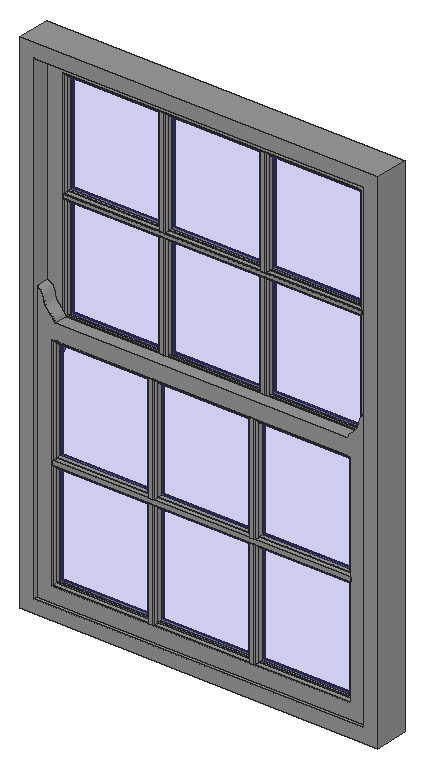
Revit family "HMS3SP", category Windows, host Wall, Revit 2015
Parameters (values of type "HMS3SP")
  Height = 1575 mm
  Default Lintel Height = 2100 mm
  Wall Closure = By host
  Width = 1100 mm
Reference planes
  plane 1 "Center (Front/Back)": y = 0
  plane 2 "Center (Left/Right)": x = 0
  plane 3 "Left": x = -550
  plane 4 "Right": x = 550
  plane 5 "Sill": z = 525
  plane 6 "Head": z = 2100
  plane 7 "Exterior": y = 100
  plane 8 "Interior": y = -100
  plane 9: y = -28.5
  plane 10: y = 23.5
  plane 11: z = 1312.5
  plane 12: z = 1341
  plane 13: z = 1284
Forms (mm)
  Sweep 1, solid, material "Lauan, Meranti"
    path origin (-10500, 23.5, 2100) x (0, 0, -1) y (-1, 0, 0)
      loop
        line (0, -11050) -> (1575, -11050) -> (1575, -9950) -> (0, -9950) -> (0, -11050)
    profile origin (0, 23.5, 2100) x (0, 0, 1) y (0, 1, 0)
      loop
        line (0, 29) -> (-42, 29) -> (-42, -76) -> (0, -76) -> (0, 29)
  Extrusion 2, solid, material "Lauan, Meranti"
    sketch origin (-10500, 0, 1775) x (0, 0, -1) y (-1, 0, 0)
      loop
        line (491, -10951) -> (491, -11008) -> (576, -11008)
        spline (576, -11008) -> (568.022, -10995.331) -> (558.494, -10988.581) -> (548.752, -10985.386) -> (540.116, -10983.399) -> (533.202, -10981.197) -> (527.644, -10978.636) -> (523.005, -10975.669) -> (518.783, -10972.149) -> (514.297, -10967.644) -> (508.83, -10961.691) -> (501.472, -10955.147) -> (491, -10951)
      loop
        spline (491, -10049) -> (501.472, -10044.853) -> (508.83, -10038.309) -> (514.297, -10032.356) -> (518.783, -10027.851) -> (523.005, -10024.331) -> (527.644, -10021.364) -> (533.202, -10018.803) -> (540.116, -10016.601) -> (548.752, -10014.614) -> (558.494, -10011.419) -> (568.022, -10004.669) -> (576, -9992)
        line (576, -9992) -> (491, -9992) -> (491, -10049)
    from 0 to 42
  Extrusion 3, solid, material "Lauan, Meranti"
    sketch origin (-10500, -42, 850) x (0, 0, 1) y (1, 0, 0)
      loop
        spline (491, 10951) -> (501.472, 10955.147) -> (508.83, 10961.691) -> (514.297, 10967.644) -> (518.783, 10972.149) -> (523.005, 10975.669) -> (527.644, 10978.636) -> (533.202, 10981.197) -> (540.116, 10983.399) -> (548.752, 10985.386) -> (558.494, 10988.581) -> (568.022, 10995.331) -> (576, 11008)
        line (576, 11008) -> (491, 11008) -> (491, 10951)
      loop
        line (491, 10049) -> (491, 9992) -> (576, 9992)
        spline (576, 9992) -> (568.022, 10004.669) -> (558.494, 10011.419) -> (548.752, 10014.614) -> (540.116, 10016.601) -> (533.202, 10018.803) -> (527.644, 10021.364) -> (523.005, 10024.331) -> (518.783, 10027.851) -> (514.297, 10032.356) -> (508.83, 10038.309) -> (501.472, 10044.853) -> (491, 10049)
    from 0 to 42
  Sweep 4, solid, material "Lauan, Meranti"
    path origin (-10671.629, 23.5, 1894.103) x (0, 0, -1) y (-1, 0, 0)
      loop
        line (-163.897, -11179.629) -> (610.103, -11179.629) -> (610.103, -10163.629) -> (-163.897, -10163.629) -> (-163.897, -11179.629)
    profile origin (0, 23.5, 2058) x (0, 0, 1) y (0, 1, 0)
      loop
        line (-48, 18.5) -> (-48, -6.5) -> (-57, -6.5) -> (-57, -14.499) -> (-53.996, -14.499)
        arc (-53.996, -14.499) -> (-52.238, -18.744) -> (-47.994, -20.502) r 6.002
        line (-47.994, -20.502) -> (-47.994, -23.5) -> (0, -23.5) -> (0, 18.5) -> (-48, 18.5)
  Sweep 5, solid, material "Lauan, Meranti"
    path origin (-10670.807, 23.5, 1558.046) x (0, 0, -1) y (-1, 0, 0)
      loop
        line (217.046, -11178.807) -> (991.046, -11178.807) -> (991.046, -10162.807) -> (217.046, -10162.807) -> (217.046, -11178.807)
    profile origin (0, 23.5, 1341) x (0, 0, 1) y (0, 1, 0)
      loop
        line (0, -65.5) -> (0, -23.5) -> (-48, -23.5) -> (-48, -48.5) -> (-57, -48.5) -> (-57, -56.499) -> (-53.996, -56.499)
        arc (-53.996, -56.499) -> (-52.238, -60.744) -> (-47.994, -62.502) r 6.002
        line (-47.994, -62.502) -> (-47.994, -65.5) -> (0, -65.5)
  Extrusion 6, solid, material "Lauan, Meranti"
    sketch origin (150, 18.5, 109.213) x (1, 0, 0) y (0, 1, 0)
      loop
        line (-1, 23.5) -> (-1, -1.5) -> (-10, -1.5) -> (-10, -9.5) -> (-7, -9.5)
        arc (-7, -9.5) -> (-5.243, -13.743) -> (-1, -15.5) r 6
        line (-1, -15.5) -> (-1, -18.5) -> (12, -18.5) -> (12, -15.5)
        arc (12, -15.5) -> (16.243, -13.743) -> (18, -9.5) r 6
        line (18, -9.5) -> (21, -9.5) -> (21, -1.5) -> (12, -1.5) -> (12, 23.5) -> (-1, 23.5)
      loop
        line (-312, 23.5) -> (-312, -1.5) -> (-321, -1.5) -> (-321, -9.5) -> (-318, -9.5)
        arc (-318, -9.5) -> (-316.243, -13.743) -> (-312, -15.5) r 6
        line (-312, -15.5) -> (-312, -18.5) -> (-299, -18.5) -> (-299, -15.5)
        arc (-299, -15.5) -> (-294.757, -13.743) -> (-293, -9.5) r 6
        line (-293, -9.5) -> (-290, -9.5) -> (-290, -1.5) -> (-299, -1.5) -> (-299, 23.5) -> (-312, 23.5)
    from 1568.287 to 1900.787
  Extrusion 7, solid, material "Glass"
    sketch origin (-10350, 17, 2012.5) x (0, 0, -1) y (-1, 0, 0)
      loop
        line (2.5, -10810) -> (335, -10810) -> (335, -10512) -> (2.5, -10512) -> (2.5, -10810)
      loop
        line (2.5, -10499) -> (335, -10499) -> (335, -10201) -> (2.5, -10201) -> (2.5, -10499)
      loop
        line (2.5, -10188) -> (335, -10188) -> (335, -9890) -> (2.5, -9890) -> (2.5, -10188)
      loop
        line (348, -10810) -> (680.5, -10810) -> (680.5, -10512) -> (348, -10512) -> (348, -10810)
      loop
        line (348, -10499) -> (680.5, -10499) -> (680.5, -10201) -> (348, -10201) -> (348, -10499)
      loop
        line (348, -10188) -> (680.5, -10188) -> (680.5, -9890) -> (348, -9890) -> (348, -10188)
    from 0 to 6.4
  Sweep 8, solid, material "Lauan, Meranti"
    path origin (176.75, 100, -230.151) x (1, 0, 0) y (0, 0, 1)
      loop
        line (283.25, 2240.151) -> (-14.75, 2240.151) -> (-14.75, 1907.651) -> (283.25, 1907.651) -> (283.25, 2240.151)
    profile origin (311, 100, 2010) x (0, 0, -1) y (0, -1, 0)
      loop
        arc (0, 68.6) -> (4.67, 70.234) -> (7, 74.6) r 6.807
        line (7, 74.6) -> (9, 74.6) -> (9, 76.6) -> (0, 76.6) -> (0, 68.6)
  Extrusion 9, solid, material "Lauan, Meranti"
    sketch origin (1645.5, 18.5, 1671) x (0, 0, 1) y (0, 1, 0)
      loop
        line (-6.5, 23.5) -> (-6.5, -1.5) -> (-15.5, -1.5) -> (-15.5, -9.5) -> (-12.5, -9.5)
        arc (-12.5, -9.5) -> (-10.743, -13.743) -> (-6.5, -15.5) r 6
        line (-6.5, -15.5) -> (-6.5, -18.5) -> (6.5, -18.5) -> (6.5, -15.5)
        arc (6.5, -15.5) -> (10.743, -13.743) -> (12.5, -9.5) r 6
        line (12.5, -9.5) -> (15.5, -9.5) -> (15.5, -1.5) -> (6.5, -1.5) -> (6.5, 23.5) -> (-6.5, 23.5)
    from 1185.5 to 2105.5
  Extrusion 10, solid, material "Lauan, Meranti"
    sketch origin (150, 18.5, -235.787) x (1, 0, 0) y (0, 1, 0)
      loop
        line (-1, 23.5) -> (-1, -1.5) -> (-10, -1.5) -> (-10, -9.5) -> (-7, -9.5)
        arc (-7, -9.5) -> (-5.243, -13.743) -> (-1, -15.5) r 6
        line (-1, -15.5) -> (-1, -18.5) -> (12, -18.5) -> (12, -15.5)
        arc (12, -15.5) -> (16.243, -13.743) -> (18, -9.5) r 6
        line (18, -9.5) -> (21, -9.5) -> (21, -1.5) -> (12, -1.5) -> (12, 23.5) -> (-1, 23.5)
      loop
        line (-312, 23.5) -> (-312, -1.5) -> (-321, -1.5) -> (-321, -9.5) -> (-318, -9.5)
        arc (-318, -9.5) -> (-316.243, -13.743) -> (-312, -15.5) r 6
        line (-312, -15.5) -> (-312, -18.5) -> (-299, -18.5) -> (-299, -15.5)
        arc (-299, -15.5) -> (-294.757, -13.743) -> (-293, -9.5) r 6
        line (-293, -9.5) -> (-290, -9.5) -> (-290, -1.5) -> (-299, -1.5) -> (-299, 23.5) -> (-312, 23.5)
    from 1567.787 to 1900.287
  Sweep 11, solid, material "Lauan, Meranti"
    path origin (-134.25, 100, -230.151) x (1, 0, 0) y (0, 0, 1)
      loop
        line (283.25, 2240.151) -> (-14.75, 2240.151) -> (-14.75, 1907.651) -> (283.25, 1907.651) -> (283.25, 2240.151)
    profile origin (0, 100, 2010) x (0, 0, -1) y (0, -1, 0)
      loop
        arc (0, 68.6) -> (4.67, 70.234) -> (7, 74.6) r 6.807
        line (7, 74.6) -> (9, 74.6) -> (9, 76.6) -> (0, 76.6) -> (0, 68.6)
  Sweep 12, solid, material "Lauan, Meranti"
    path origin (-445.25, 100, -230.151) x (1, 0, 0) y (0, 0, 1)
      loop
        line (283.25, 2240.151) -> (-14.75, 2240.151) -> (-14.75, 1907.651) -> (283.25, 1907.651) -> (283.25, 2240.151)
    profile origin (-311, 100, 2010) x (0, 0, -1) y (0, -1, 0)
      loop
        arc (0, 68.6) -> (4.67, 70.234) -> (7, 74.6) r 6.807
        line (7, 74.6) -> (9, 74.6) -> (9, 76.6) -> (0, 76.6) -> (0, 68.6)
  Sweep 13, solid, material "Lauan, Meranti"
    path origin (176.75, 100, -575.651) x (1, 0, 0) y (0, 0, 1)
      loop
        line (283.25, 2240.151) -> (-14.75, 2240.151) -> (-14.75, 1907.651) -> (283.25, 1907.651) -> (283.25, 2240.151)
    profile origin (311, 100, 1664.5) x (0, 0, -1) y (0, -1, 0)
      loop
        arc (0, 68.6) -> (4.67, 70.234) -> (7, 74.6) r 6.807
        line (7, 74.6) -> (9, 74.6) -> (9, 76.6) -> (0, 76.6) -> (0, 68.6)
  Sweep 14, solid, material "Lauan, Meranti"
    path origin (-134.25, 100, -575.651) x (1, 0, 0) y (0, 0, 1)
      loop
        line (283.25, 2240.151) -> (-14.75, 2240.151) -> (-14.75, 1907.651) -> (283.25, 1907.651) -> (283.25, 2240.151)
    profile origin (0, 100, 1664.5) x (0, 0, -1) y (0, -1, 0)
      loop
        arc (0, 68.6) -> (4.67, 70.234) -> (7, 74.6) r 6.807
        line (7, 74.6) -> (9, 74.6) -> (9, 76.6) -> (0, 76.6) -> (0, 68.6)
  Sweep 15, solid, material "Lauan, Meranti"
    path origin (-445.25, 100, -575.651) x (1, 0, 0) y (0, 0, 1)
      loop
        line (283.25, 2240.151) -> (-14.75, 2240.151) -> (-14.75, 1907.651) -> (283.25, 1907.651) -> (283.25, 2240.151)
    profile origin (-311, 100, 1664.5) x (0, 0, -1) y (0, -1, 0)
      loop
        arc (0, 68.6) -> (4.67, 70.234) -> (7, 74.6) r 6.807
        line (7, 74.6) -> (9, 74.6) -> (9, 76.6) -> (0, 76.6) -> (0, 68.6)
  Extrusion 16, solid, material "Lauan, Meranti"
    sketch origin (150, -23.5, -607.787) x (1, 0, 0) y (0, 1, 0)
      loop
        line (-1, 23.5) -> (-1, -1.5) -> (-10, -1.5) -> (-10, -9.5) -> (-7, -9.5)
        arc (-7, -9.5) -> (-5.243, -13.743) -> (-1, -15.5) r 6
        line (-1, -15.5) -> (-1, -18.5) -> (12, -18.5) -> (12, -15.5)
        arc (12, -15.5) -> (16.243, -13.743) -> (18, -9.5) r 6
        line (18, -9.5) -> (21, -9.5) -> (21, -1.5) -> (12, -1.5) -> (12, 23.5) -> (-1, 23.5)
      loop
        line (-312, 23.5) -> (-312, -1.5) -> (-321, -1.5) -> (-321, -9.5) -> (-318, -9.5)
        arc (-318, -9.5) -> (-316.243, -13.743) -> (-312, -15.5) r 6
        line (-312, -15.5) -> (-312, -18.5) -> (-299, -18.5) -> (-299, -15.5)
        arc (-299, -15.5) -> (-294.757, -13.743) -> (-293, -9.5) r 6
        line (-293, -9.5) -> (-290, -9.5) -> (-290, -1.5) -> (-299, -1.5) -> (-299, 23.5) -> (-312, 23.5)
    from 1568.287 to 1900.787
  Extrusion 17, solid, material "Glass"
    sketch origin (-10350, -25, 1295.5) x (0, 0, -1) y (-1, 0, 0)
      loop
        line (2.5, -10810) -> (335, -10810) -> (335, -10512) -> (2.5, -10512) -> (2.5, -10810)
      loop
        line (2.5, -10499) -> (335, -10499) -> (335, -10201) -> (2.5, -10201) -> (2.5, -10499)
      loop
        line (2.5, -10188) -> (335, -10188) -> (335, -9890) -> (2.5, -9890) -> (2.5, -10188)
      loop
        line (348, -10810) -> (680.5, -10810) -> (680.5, -10512) -> (348, -10512) -> (348, -10810)
      loop
        line (348, -10499) -> (680.5, -10499) -> (680.5, -10201) -> (348, -10201) -> (348, -10499)
      loop
        line (348, -10188) -> (680.5, -10188) -> (680.5, -9890) -> (348, -9890) -> (348, -10188)
    from 0 to 6.4
  Sweep 18, solid, material "Lauan, Meranti"
    path origin (176.75, 58, -947.151) x (1, 0, 0) y (0, 0, 1)
      loop
        line (283.25, 2240.151) -> (-14.75, 2240.151) -> (-14.75, 1907.651) -> (283.25, 1907.651) -> (283.25, 2240.151)
    profile origin (311, 58, 1293) x (0, 0, -1) y (0, -1, 0)
      loop
        arc (0, 68.6) -> (4.67, 70.234) -> (7, 74.6) r 6.807
        line (7, 74.6) -> (9, 74.6) -> (9, 76.6) -> (0, 76.6) -> (0, 68.6)
  Extrusion 19, solid, material "Lauan, Meranti"
    sketch origin (1645.5, -23.5, 954) x (0, 0, 1) y (0, 1, 0)
      loop
        line (-6.5, 23.5) -> (-6.5, -1.5) -> (-15.5, -1.5) -> (-15.5, -9.5) -> (-12.5, -9.5)
        arc (-12.5, -9.5) -> (-10.743, -13.743) -> (-6.5, -15.5) r 6
        line (-6.5, -15.5) -> (-6.5, -18.5) -> (6.5, -18.5) -> (6.5, -15.5)
        arc (6.5, -15.5) -> (10.743, -13.743) -> (12.5, -9.5) r 6
        line (12.5, -9.5) -> (15.5, -9.5) -> (15.5, -1.5) -> (6.5, -1.5) -> (6.5, 23.5) -> (-6.5, 23.5)
    from 1185.5 to 2105.5
  Extrusion 20, solid, material "Lauan, Meranti"
    sketch origin (150, -23.5, -952.787) x (1, 0, 0) y (0, 1, 0)
      loop
        line (-1, 23.5) -> (-1, -1.5) -> (-10, -1.5) -> (-10, -9.5) -> (-7, -9.5)
        arc (-7, -9.5) -> (-5.243, -13.743) -> (-1, -15.5) r 6
        line (-1, -15.5) -> (-1, -18.5) -> (12, -18.5) -> (12, -15.5)
        arc (12, -15.5) -> (16.243, -13.743) -> (18, -9.5) r 6
        line (18, -9.5) -> (21, -9.5) -> (21, -1.5) -> (12, -1.5) -> (12, 23.5) -> (-1, 23.5)
      loop
        line (-312, 23.5) -> (-312, -1.5) -> (-321, -1.5) -> (-321, -9.5) -> (-318, -9.5)
        arc (-318, -9.5) -> (-316.243, -13.743) -> (-312, -15.5) r 6
        line (-312, -15.5) -> (-312, -18.5) -> (-299, -18.5) -> (-299, -15.5)
        arc (-299, -15.5) -> (-294.757, -13.743) -> (-293, -9.5) r 6
        line (-293, -9.5) -> (-290, -9.5) -> (-290, -1.5) -> (-299, -1.5) -> (-299, 23.5) -> (-312, 23.5)
    from 1567.781 to 1900.287
  Sweep 21, solid, material "Lauan, Meranti"
    path origin (-134.25, 58, -947.151) x (1, 0, 0) y (0, 0, 1)
      loop
        line (283.25, 2240.151) -> (-14.75, 2240.151) -> (-14.75, 1907.651) -> (283.25, 1907.651) -> (283.25, 2240.151)
    profile origin (0, 58, 1293) x (0, 0, -1) y (0, -1, 0)
      loop
        arc (0, 68.6) -> (4.67, 70.234) -> (7, 74.6) r 6.807
        line (7, 74.6) -> (9, 74.6) -> (9, 76.6) -> (0, 76.6) -> (0, 68.6)
  Sweep 22, solid, material "Lauan, Meranti"
    path origin (-445.25, 58, -947.151) x (1, 0, 0) y (0, 0, 1)
      loop
        line (283.25, 2240.151) -> (-14.75, 2240.151) -> (-14.75, 1907.651) -> (283.25, 1907.651) -> (283.25, 2240.151)
    profile origin (-311, 58, 1293) x (0, 0, -1) y (0, -1, 0)
      loop
        arc (0, 68.6) -> (4.67, 70.234) -> (7, 74.6) r 6.807
        line (7, 74.6) -> (9, 74.6) -> (9, 76.6) -> (0, 76.6) -> (0, 68.6)
  Sweep 23, solid, material "Lauan, Meranti"
    path origin (176.75, 58, -1292.651) x (1, 0, 0) y (0, 0, 1)
      loop
        line (283.25, 2240.151) -> (-14.75, 2240.151) -> (-14.75, 1907.651) -> (283.25, 1907.651) -> (283.25, 2240.151)
    profile origin (311, 58, 947.5) x (0, 0, -1) y (0, -1, 0)
      loop
        arc (0, 68.6) -> (4.67, 70.234) -> (7, 74.6) r 6.807
        line (7, 74.6) -> (9, 74.6) -> (9, 76.6) -> (0, 76.6) -> (0, 68.6)
  Sweep 24, solid, material "Lauan, Meranti"
    path origin (-134.25, 58, -1292.651) x (1, 0, 0) y (0, 0, 1)
      loop
        line (283.25, 2240.151) -> (-14.75, 2240.151) -> (-14.75, 1907.651) -> (283.25, 1907.651) -> (283.25, 2240.151)
    profile origin (0, 58, 947.5) x (0, 0, -1) y (0, -1, 0)
      loop
        arc (0, 68.6) -> (4.67, 70.234) -> (7, 74.6) r 6.807
        line (7, 74.6) -> (9, 74.6) -> (9, 76.6) -> (0, 76.6) -> (0, 68.6)
  Sweep 25, solid, material "Lauan, Meranti"
    path origin (-445.25, 58, -1292.651) x (1, 0, 0) y (0, 0, 1)
      loop
        line (283.25, 2240.151) -> (-14.75, 2240.151) -> (-14.75, 1907.651) -> (283.25, 1907.651) -> (283.25, 2240.151)
    profile origin (-311, 58, 947.5) x (0, 0, -1) y (0, -1, 0)
      loop
        arc (0, 68.6) -> (4.67, 70.234) -> (7, 74.6) r 6.807
        line (7, 74.6) -> (9, 74.6) -> (9, 76.6) -> (0, 76.6) -> (0, 68.6)
Cuts and joins
  joined: Extrusion 3, Sweep 5
  joined: Extrusion 2, Sweep 4
Lines and regions (mm)
  Opening 1
    outline origin (3500, -100, 0) x (1, 0, 0) y (0, 0, 1)
      loop
        line (-2950, 525) -> (-2950, 2100) -> (-4050, 2100) -> (-4050, 525) -> (-2950, 525)
  model lines
    curve 1: line (508, 42, 2058) -> (0, 42, 1284)
    curve 2: line (-508, 42, 2058) -> (0, 42, 1284)
Text (mm)
  text "EXTERIOR" at (-1963.203, 1332.353, 0), in view "Ref. Level"
  text "INTERIOR" at (-1981.466, -818.386, 0), in view "Ref. Level"
  text "Exterior" at (0, 923.751, 2943.296), in view "Right"
  text "Exterior" at (0, 1040.484, 2685.409), in view "Left"
Dimensions and locks
  equal spacing: plane 3 "Left", plane 2 "Center (Left/Right)", plane 4 "Right"
  "Width": plane 3 "Left" to plane 4 "Right"
  "Height": plane 5 "Sill" to plane 6 "Head"
  "Default Lintel Height": plane 6 "Head" to level
  locked: plane 7 "Exterior" to host wall at 0
  locked: plane 8 "Interior" to host wall
  locked: plane 10 to plane 9 at 52
  plane 3 "Left" to plane 4 "Right" = 1100 mm
  aligned and locked: Sweep 1 sketch curve to host wall  (x4)
  aligned and locked: Sweep 1 to Sweep 5 sketch curve  (x2)
  aligned and locked: Sweep 5 sketch curve to Sweep 1
  aligned and locked: Sweep 5 sketch curve to plane 12
  aligned and locked: plane 13 to Sweep 4 sketch curve
  aligned and locked: Sweep 1 to Sweep 4 sketch curve
  aligned and locked: Sweep 4 sketch curve to Sweep 1  (x2)
  aligned and locked: Extrusion 7 sketch curve to Extrusion 6  (x6)
  aligned and locked: Extrusion 7 sketch curve to Extrusion 9  (x2)
  aligned and locked: Extrusion 7 sketch curve to Extrusion 7 sketch curve  (x4)
  aligned and locked: Sweep 8 sketch curve to Extrusion 6
  aligned and locked: Sweep 8 sketch curve to Extrusion 7
  aligned and locked: Sweep 11 sketch curve to Extrusion 7
  aligned and locked: Sweep 11 sketch curve to Extrusion 6  (x2)
  aligned and locked: Sweep 12 sketch curve to Extrusion 6
  aligned and locked: Sweep 12 sketch curve to Extrusion 7
  aligned and locked: Sweep 13 sketch curve to Extrusion 7  (x2)
  aligned and locked: Sweep 14 sketch curve to Extrusion 7  (x3)
  aligned and locked: Sweep 15 sketch curve to Extrusion 7  (x2)
  aligned and locked: Extrusion 17 sketch curve to Extrusion 16  (x6)
  aligned and locked: Extrusion 17 sketch curve to Extrusion 19  (x2)
  aligned and locked: Extrusion 17 sketch curve to Extrusion 17 sketch curve  (x4)
  aligned and locked: Sweep 18 sketch curve to Extrusion 16
  aligned and locked: Sweep 18 sketch curve to Extrusion 17
  aligned and locked: Sweep 21 sketch curve to Extrusion 17
  aligned and locked: Sweep 21 sketch curve to Extrusion 16  (x2)
  aligned and locked: Sweep 22 sketch curve to Extrusion 16
  aligned and locked: Sweep 22 sketch curve to Extrusion 17
  aligned and locked: Sweep 23 sketch curve to Extrusion 17  (x2)
  aligned and locked: Sweep 24 sketch curve to Extrusion 17  (x3)
  aligned and locked: Sweep 25 sketch curve to Extrusion 17  (x2)
Automatic sketch dimensions
  plane 3 "Left" to Opening 1 sketch curve = 0 mm
  plane 4 "Right" to Opening 1 sketch curve = 0 mm
  Opening 1 sketch curve to plane 5 "Sill" = 0 mm
  Opening 1 sketch curve to plane 6 "Head" = 0 mm
  profile plane to Sweep 1 sketch curve = 0 mm
  profile plane to Sweep 1 sketch curve = 42 mm
  Sweep 1 sketch curve to plane 10 = 76 mm
  plane 10 to Sweep 1 sketch curve = 29 mm
  plane 2 "Center (Left/Right)" to curve 1 = 0 mm
  curve 2 to plane 13 = 0 mm
  curve 2 to plane 3 "Left" = 42 mm
  plane 4 "Right" to curve 1 = 42 mm
  plane 6 "Head" to curve 2 = 42 mm
  plane 6 "Head" to curve 1 = 42 mm
  Extrusion 2 sketch curve to plane 13 = 0 mm  (x2)
  Extrusion 2 sketch curve to plane 3 "Left" = 42 mm
  Extrusion 2 sketch curve to plane 13 = 85 mm  (x2)
  plane 4 "Right" to Extrusion 2 sketch curve = 42 mm
  Extrusion 2 sketch curve to Extrusion 2 sketch curve = 57 mm  (x2)
  Extrusion 3 sketch curve to plane 12 = 0 mm  (x2)
  Extrusion 3 sketch curve to plane 3 "Left" = 42 mm
  plane 12 to Extrusion 3 sketch curve = 85 mm  (x2)
  plane 4 "Right" to Extrusion 3 sketch curve = 42 mm
  Extrusion 3 sketch curve to Extrusion 3 sketch curve = 57 mm  (x2)
  profile plane to Sweep 4 sketch curve = 0 mm
  Sweep 4 sketch curve to profile plane = 23.5 mm
  profile plane to Sweep 4 sketch curve = 47.994 mm
  Sweep 4 sketch curve to Sweep 4 sketch curve = 0.006 mm
  Sweep 4 sketch curve to Sweep 4 sketch curve = 6.002 mm
  Sweep 4 sketch curve to Sweep 4 sketch curve = 3.004 mm
  Sweep 4 sketch curve to Sweep 4 sketch curve = 2.998 mm
  Sweep 4 sketch curve to profile plane = 6.5 mm
  profile plane to Sweep 4 sketch curve = 18.5 mm
  profile plane to Sweep 5 sketch curve = 0 mm
  Sweep 5 sketch curve to Sweep 5 sketch curve = 47.994 mm
  Sweep 5 sketch curve to Sweep 5 sketch curve = 0.006 mm
  Sweep 5 sketch curve to Sweep 5 sketch curve = 6.002 mm
  Sweep 5 sketch curve to Sweep 5 sketch curve = 3.004 mm
  Sweep 5 sketch curve to profile plane = 65.5 mm
  Sweep 5 sketch curve to Sweep 5 sketch curve = 2.998 mm
  Sweep 5 sketch curve to Sweep 5 sketch curve = 7.999 mm
  Sweep 5 sketch curve to profile plane = 23.5 mm
  host wall to Extrusion 6 sketch curve = 0 mm  (x2)
  Extrusion 6 sketch curve to plane 10 = 6.5 mm  (x4)
  plane 2 "Center (Left/Right)" to Extrusion 6 sketch curve = 171 mm
  Extrusion 6 sketch curve to Extrusion 6 sketch curve = 3 mm  (x4)
  Extrusion 6 sketch curve to Extrusion 6 sketch curve = 9 mm  (x2)
  Extrusion 6 sketch curve to host wall = 3 mm  (x3)
  Extrusion 6 sketch curve to Extrusion 6 sketch curve = 6 mm  (x4)
  Extrusion 6 sketch curve to Extrusion 6 sketch curve = 13 mm  (x4)
  Extrusion 6 sketch curve to host wall = 9 mm
  Extrusion 6 sketch curve to plane 2 "Center (Left/Right)" = 140 mm
  plane 10 to Extrusion 6 sketch curve = 18.5 mm  (x2)
  plane 6 "Head" to Extrusion 7 sketch curve = 90 mm  (x2)
  Extrusion 7 sketch curve to Extrusion 7 sketch curve = 0 mm  (x3)
  Extrusion 7 sketch curve to Extrusion 7 sketch curve = 13 mm  (x2)
  Extrusion 7 sketch curve to plane 12 = 9 mm  (x3)
  plane 4 "Right" to Extrusion 7 sketch curve = 90 mm
  Extrusion 7 sketch curve to plane 3 "Left" = 90 mm
  plane 4 "Right" to Sweep 8 sketch curve = 90 mm
  plane 6 "Head" to Sweep 8 sketch curve = 90 mm
  Sweep 8 sketch curve to profile plane = 0 mm
  Sweep 8 sketch curve to profile plane = 0.241 mm
  Sweep 8 sketch curve to Sweep 8 sketch curve = 6.759 mm
  Sweep 8 sketch curve to Sweep 8 sketch curve = 2 mm  (x2)
  profile plane to Sweep 8 sketch curve = 68.6 mm
  Sweep 8 sketch curve to Sweep 8 sketch curve = 6 mm
  Extrusion 9 sketch curve to host wall = 0 mm
  Extrusion 9 sketch curve to host wall = 9 mm
  plane 12 to Extrusion 9 sketch curve = 314.5 mm
  Extrusion 9 sketch curve to Extrusion 9 sketch curve = 3 mm  (x3)
  Extrusion 9 sketch curve to Extrusion 9 sketch curve = 9 mm
  Extrusion 9 sketch curve to host wall = 3 mm
  Extrusion 9 sketch curve to Extrusion 9 sketch curve = 13 mm  (x2)
  Extrusion 9 sketch curve to Extrusion 9 sketch curve = 6 mm
  Extrusion 9 sketch curve to plane 10 = 6.5 mm  (x2)
  plane 10 to Extrusion 9 sketch curve = 18.5 mm
  host wall to Extrusion 10 sketch curve = 0 mm  (x2)
  Extrusion 10 sketch curve to plane 10 = 6.5 mm  (x4)
  plane 2 "Center (Left/Right)" to Extrusion 10 sketch curve = 171 mm
  Extrusion 10 sketch curve to Extrusion 10 sketch curve = 3 mm  (x4)
  Extrusion 10 sketch curve to Extrusion 10 sketch curve = 9 mm  (x2)
  Extrusion 10 sketch curve to host wall = 3 mm  (x3)
  Extrusion 10 sketch curve to Extrusion 10 sketch curve = 6 mm  (x4)
  Extrusion 10 sketch curve to Extrusion 10 sketch curve = 13 mm  (x4)
  Extrusion 10 sketch curve to host wall = 9 mm
  Extrusion 10 sketch curve to plane 2 "Center (Left/Right)" = 140 mm
  plane 10 to Extrusion 10 sketch curve = 18.5 mm  (x2)
  plane 6 "Head" to Sweep 11 sketch curve = 90 mm
  Sweep 11 sketch curve to profile plane = 0 mm
  Sweep 11 sketch curve to profile plane = 0.241 mm
  Sweep 11 sketch curve to Sweep 11 sketch curve = 6.759 mm
  Sweep 11 sketch curve to Sweep 11 sketch curve = 2 mm  (x2)
  profile plane to Sweep 11 sketch curve = 68.6 mm
  Sweep 11 sketch curve to Sweep 11 sketch curve = 6 mm
  Sweep 12 sketch curve to plane 3 "Left" = 90 mm
  plane 6 "Head" to Sweep 12 sketch curve = 90 mm
  Sweep 12 sketch curve to profile plane = 0 mm
  Sweep 12 sketch curve to profile plane = 0.241 mm
  Sweep 12 sketch curve to Sweep 12 sketch curve = 6.759 mm
  Sweep 12 sketch curve to Sweep 12 sketch curve = 2 mm  (x2)
  profile plane to Sweep 12 sketch curve = 68.6 mm
  Sweep 12 sketch curve to Sweep 12 sketch curve = 6 mm
  Sweep 13 sketch curve to plane 12 = 9 mm
  plane 4 "Right" to Sweep 13 sketch curve = 90 mm
  Sweep 13 sketch curve to profile plane = 0 mm
  Sweep 13 sketch curve to profile plane = 0.241 mm
  Sweep 13 sketch curve to Sweep 13 sketch curve = 6.759 mm
  Sweep 13 sketch curve to Sweep 13 sketch curve = 2 mm  (x2)
  profile plane to Sweep 13 sketch curve = 68.6 mm
  Sweep 13 sketch curve to Sweep 13 sketch curve = 6 mm
  Sweep 14 sketch curve to plane 12 = 9 mm
  Sweep 14 sketch curve to profile plane = 0 mm
  Sweep 14 sketch curve to profile plane = 0.241 mm
  Sweep 14 sketch curve to Sweep 14 sketch curve = 6.759 mm
  Sweep 14 sketch curve to Sweep 14 sketch curve = 2 mm  (x2)
  profile plane to Sweep 14 sketch curve = 68.6 mm
  Sweep 14 sketch curve to Sweep 14 sketch curve = 6 mm
  Sweep 15 sketch curve to plane 12 = 9 mm
  Sweep 15 sketch curve to plane 3 "Left" = 90 mm
  Sweep 15 sketch curve to profile plane = 0 mm
  Sweep 15 sketch curve to profile plane = 0.241 mm
  Sweep 15 sketch curve to Sweep 15 sketch curve = 6.759 mm
  Sweep 15 sketch curve to Sweep 15 sketch curve = 2 mm  (x2)
  profile plane to Sweep 15 sketch curve = 68.6 mm
  Sweep 15 sketch curve to Sweep 15 sketch curve = 6 mm
  host wall to Extrusion 16 sketch curve = 0 mm  (x2)
  plane 9 to Extrusion 16 sketch curve = 3.5 mm  (x4)
  plane 2 "Center (Left/Right)" to Extrusion 16 sketch curve = 171 mm
  Extrusion 16 sketch curve to Extrusion 16 sketch curve = 3 mm  (x8)
  Extrusion 16 sketch curve to Extrusion 16 sketch curve = 9 mm  (x2)
  Extrusion 16 sketch curve to Extrusion 16 sketch curve = 6 mm  (x4)
  Extrusion 16 sketch curve to Extrusion 16 sketch curve = 13 mm  (x4)
  Extrusion 16 sketch curve to plane 9 = 4.5 mm
  Extrusion 16 sketch curve to plane 2 "Center (Left/Right)" = 140 mm
  Extrusion 16 sketch curve to plane 9 = 10.5 mm
  plane 13 to Extrusion 17 sketch curve = 9 mm  (x3)
  Extrusion 17 sketch curve to Extrusion 17 sketch curve = 13 mm  (x2)
  Extrusion 17 sketch curve to plane 5 "Sill" = 90 mm
  Extrusion 17 sketch curve to Extrusion 17 sketch curve = 0 mm  (x4)
  plane 4 "Right" to Extrusion 17 sketch curve = 90 mm
  Extrusion 17 sketch curve to plane 3 "Left" = 90 mm
  plane 4 "Right" to Sweep 18 sketch curve = 90 mm
  plane 13 to Sweep 18 sketch curve = 9 mm
  Sweep 18 sketch curve to profile plane = 0 mm
  Sweep 18 sketch curve to profile plane = 0.241 mm
  Sweep 18 sketch curve to Sweep 18 sketch curve = 6.759 mm
  Sweep 18 sketch curve to Sweep 18 sketch curve = 2 mm  (x2)
  profile plane to Sweep 18 sketch curve = 68.6 mm
  Sweep 18 sketch curve to Sweep 18 sketch curve = 6 mm
  Extrusion 19 sketch curve to host wall = 0 mm
  Extrusion 19 sketch curve to plane 9 = 4.5 mm
  Extrusion 19 sketch curve to plane 13 = 345.5 mm
  Extrusion 19 sketch curve to Extrusion 19 sketch curve = 3 mm  (x3)
  plane 9 to Extrusion 19 sketch curve = 3.5 mm  (x2)
  Extrusion 19 sketch curve to Extrusion 19 sketch curve = 9 mm
  Extrusion 19 sketch curve to Extrusion 19 sketch curve = 6 mm  (x2)
  Extrusion 19 sketch curve to Extrusion 19 sketch curve = 13 mm  (x2)
  Extrusion 19 sketch curve to plane 9 = 10.5 mm
  host wall to Extrusion 20 sketch curve = 0 mm  (x2)
  plane 9 to Extrusion 20 sketch curve = 3.5 mm  (x4)
  plane 2 "Center (Left/Right)" to Extrusion 20 sketch curve = 171 mm
  Extrusion 20 sketch curve to Extrusion 20 sketch curve = 3 mm  (x8)
  Extrusion 20 sketch curve to Extrusion 20 sketch curve = 9 mm  (x2)
  Extrusion 20 sketch curve to Extrusion 20 sketch curve = 6 mm  (x4)
  Extrusion 20 sketch curve to Extrusion 20 sketch curve = 13 mm  (x4)
  Extrusion 20 sketch curve to plane 9 = 4.5 mm
  Extrusion 20 sketch curve to plane 2 "Center (Left/Right)" = 140 mm
  Extrusion 20 sketch curve to plane 9 = 10.5 mm
  plane 13 to Sweep 21 sketch curve = 9 mm
  Sweep 21 sketch curve to profile plane = 0 mm
  Sweep 21 sketch curve to profile plane = 0.241 mm
  Sweep 21 sketch curve to Sweep 21 sketch curve = 6.759 mm
  Sweep 21 sketch curve to Sweep 21 sketch curve = 2 mm  (x2)
  profile plane to Sweep 21 sketch curve = 68.6 mm
  Sweep 21 sketch curve to Sweep 21 sketch curve = 6 mm
  Sweep 22 sketch curve to plane 3 "Left" = 90 mm
  plane 13 to Sweep 22 sketch curve = 9 mm
  Sweep 22 sketch curve to profile plane = 0 mm
  Sweep 22 sketch curve to profile plane = 0.241 mm
  Sweep 22 sketch curve to Sweep 22 sketch curve = 6.759 mm
  Sweep 22 sketch curve to Sweep 22 sketch curve = 2 mm  (x2)
  profile plane to Sweep 22 sketch curve = 68.6 mm
  Sweep 22 sketch curve to Sweep 22 sketch curve = 6 mm
  plane 4 "Right" to Sweep 23 sketch curve = 90 mm
  Sweep 23 sketch curve to plane 5 "Sill" = 90 mm
  Sweep 23 sketch curve to profile plane = 0 mm
  Sweep 23 sketch curve to profile plane = 0.241 mm
  Sweep 23 sketch curve to Sweep 23 sketch curve = 6.759 mm
  Sweep 23 sketch curve to Sweep 23 sketch curve = 2 mm  (x2)
  profile plane to Sweep 23 sketch curve = 68.6 mm
  Sweep 23 sketch curve to Sweep 23 sketch curve = 6 mm
  Sweep 24 sketch curve to plane 5 "Sill" = 90 mm
  Sweep 24 sketch curve to profile plane = 0 mm
  Sweep 24 sketch curve to profile plane = 0.241 mm
  Sweep 24 sketch curve to Sweep 24 sketch curve = 6.759 mm
  Sweep 24 sketch curve to Sweep 24 sketch curve = 2 mm  (x2)
  profile plane to Sweep 24 sketch curve = 68.6 mm
  Sweep 24 sketch curve to Sweep 24 sketch curve = 6 mm
  Sweep 25 sketch curve to plane 3 "Left" = 90 mm
  Sweep 25 sketch curve to plane 5 "Sill" = 90 mm
  Sweep 25 sketch curve to profile plane = 0 mm
  Sweep 25 sketch curve to profile plane = 0.241 mm
  Sweep 25 sketch curve to Sweep 25 sketch curve = 6.759 mm
  Sweep 25 sketch curve to Sweep 25 sketch curve = 2 mm  (x2)
  profile plane to Sweep 25 sketch curve = 68.6 mm
  Sweep 25 sketch curve to Sweep 25 sketch curve = 6 mm
